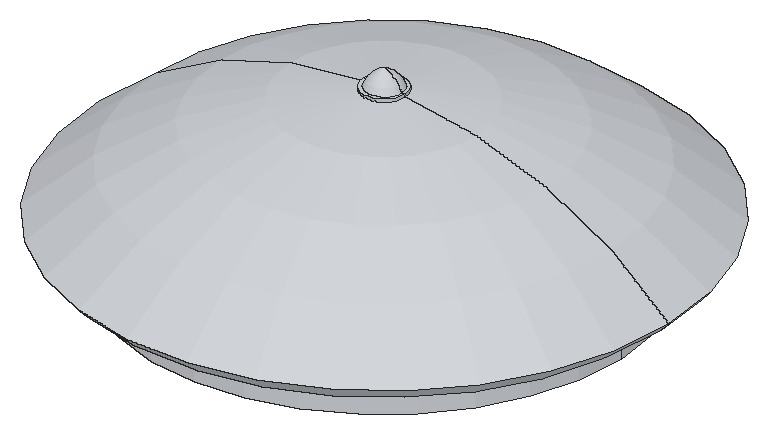
Revit family "0043438_3000K", category Lighting Fixtures, host Face, Revit 2017
Family settings
  Host = Face
  Round Connector Dimension = Use Diameter
  Part Type = Normal
  OmniClass Number = 23.80.70.00
  OmniClass Title = Lighting
  Cut with Voids When Loaded = No
  Light Source = Yes
  Shared = No
  Room Calculation Point = No
Parameters (values of type "0043438 STRT ECO SURF IP44 PIR 1800LM 830 DT")
  YIN_SENSOR_SYL = no
  YIN_360_SYL = yes
  YIN_330_SYL = no
  YIN_250_SYL = no
  YIN_180_SYL = no
  Weight = "3.54 kg"
  Wattage Comments = ""
  Wattage = 24 W
  WarrantyStartDate [instance] = "n/a"
  WarrantyGuarantorParts = "n/a"
  WarrantyDurationUnit = "n/a"
  WarrantyDurationParts = "n/a"
  WarrantyDescription = "n/a"
  built-in parameter 1150110 = 1 (stored number, unit not read)
  Voltage = 0 V
  URL = "http://www.sylvania-lighting.com"
  TypeName = "Start eco Surface IP44 PIR 1800lm 830/840 DualTone"
  Type Image = <None>
  Type Comments = "n/a"
  built-in parameter 1114217 = 1 (stored number, unit not read)
  Tilt Angle = -90.00°
  built-in parameter 1150109 = 1 (stored number, unit not read)
  built-in parameter 1150134 = 12
  built-in parameter 1150113 = 1 (stored number, unit not read)
  SerialNumber [instance] = "n/a"
  SENSOR_SYL = 12 mm
  Photometric Web File = "0043438_3000K.IES"
  Material_3_SYL = none
  PowerFactor = 0.7
  PowerConsumption = "24 W"
  NominalLength = 360 mm
  NominalHeight = 112 mm
  NominalDepth = 360 mm
  Name = "Start eco Surface IP44 PIR 1800lm 830/840 DualTone"
  ModelReference = Name  # "Start eco Surface IP44 PIR 1800lm 830/840 DualTone"
  ModelNumber = "0043438"
  Model = Name  # "Start eco Surface IP44 PIR 1800lm 830/840 DualTone"
  Material = "steel housing, polypropylene diffuser"
  ManufacturerName = "Feilo Sylvania"
  Manufacturer = "Feilo Sylvania"
  LuminousEfficacy = "75 lm/W"
  built-in parameter 1150105 = 481.63 (stored number, unit not read)
  Lumens = 1800 lm
  LuminaireType = ""
  built-in parameter 1150115 = 1 (stored number, unit not read)
  LightOutputRatio = "n/a"
  built-in parameter 1150137 = (empty or 0)
  built-in parameter 1150139 = (empty or 0)
  LampsType = Lamp  # "LED"
  LampNominalLuminous = "1800 lm"
  LampMacAdamStep = "6"
  LampColourTemperature = "3000 K"
  LampColourRenderingIndex = "80"
  built-in parameter 1150112 = 1 (stored number, unit not read)
  built-in parameter 1150114 = 1 (stored number, unit not read)
  Lamp = "LED"
  LUM_R_SYL = if(YIN_180_SYL, 90 mm, if(YIN_250_SYL, 125 mm, if(YIN_330_SYL, 165 mm, if(YIN_360_SYL, 180 mm, 180 mm))))  # 180 mm
  LUM_R_HEIGHT_SYL = LUM_H_SYL - 30 mm  # 70 mm
  LUM_H_SYL = if(YIN_180_SYL, 75 mm, if(YIN_250_SYL, 80 mm, if(YIN_330_SYL, 96 mm, if(YIN_360_SYL, 100 mm, 100 mm))))  # 100 mm
  Keynote = "16500"
  InstallationDate [instance] = "n/a"
  InputVoltage = "n/a"
  InputNominalFrequency = "n/a"
  built-in parameter 1150132 = (empty or 0)
  built-in parameter 1150102 = (empty or 0)
  built-in parameter 1150107 = 4000 (stored number, unit not read)
  built-in parameter 1150138 = (empty or 0)
  IngressProtection = "IP44"
  ImpactProtectionIndex = "IK03"
  built-in parameter 1150106 = 4.8163 (stored number, unit not read)
  IfcExportType = "IfcLightFixtureType"
  IfcExportAs = "IfcLightFixtureType"
  Emit from Circle Diameter = 609.6 mm
  Emit Shape Visible in Rendering = no
  ElectricShockClassification = "Class I"
  built-in parameter 1150104 = 6.9677 (stored number, unit not read)
  DocumentationLiterature = "http://www.sylvania-lighting.com/product/en-int/products/0043438"
  DimmingControlOptions = "n/a"
  Material_2_SYL = none
  Dimming Lamp Color Temperature Shift = <None>
  Description = ""
  Default Elevation = 1219.2 mm
  CreatedOn = "1/4/2021"
  CreatedBy = "@sylvania-lighting.com"
  Cost = 0
  Color Filter = 16777215
  built-in parameter 1114216 [instance] = (empty or 0)
  ClassificationValue = "EF_70_80"
  ClassificationName = "Uniclass2015"
  Material_1_SYL = none
  BarCode [instance] = "n/a"
  built-in parameter 1114218 = 1 (stored number, unit not read)
  BOTTOM_R_SYL = if(YIN_180_SYL, 76 mm, if(YIN_250_SYL, 110 mm, if(YIN_330_SYL, 150 mm, if(YIN_360_SYL, 150 mm, 150 mm))))  # 150 mm
  BOTTOM_HEIGHT_SYL = LUM_H_SYL - 15 mm  # 85 mm
  built-in parameter 1150133 = 10 (stored number, unit not read)
  AssetType = "Fixed"
  AssetIdentifier [instance] = "n/a"
  Assembly Code = "D5020200"
  Apparent Load = 24 VA
  Material_4_SYL = none
Types (2, lengths in mm): name | Photometric Web File | LampColourTemperature
  0043438 STRT ECO SURF IP44 PIR 1800LM 840 DT | "0043438_4000K.ies" | "4000 K"
  0043438 STRT ECO SURF IP44 PIR 1800LM 830 DT | "0043438_3000K.IES" | "3000 K"
Reference planes
  plane 1 "Center (Front/Back)": y = 0
  plane 2: z = 0
  plane 3 "Center (Left/Right)": x = 0
  plane 4: x = -150
  plane 5: x = -180
  plane 6: z = -100
  plane 7: z = -70
  plane 8: z = -85
  plane 9: z = 12
  plane 10: z = 8
  plane 11: x = 13
  plane 12: x = -13
  plane 13: x = 11
  plane 14: x = -11
Forms (mm)
  Revolve 1, solid
    sketch origin (0, 0, 0) x (1, 0, 0) y (0, 0, 1)
      loop
        line (0, -100) -> (0, 0) -> (0, 1.668) -> (-13, 1.668) -> (-13, 0)
        arc (-13, 0) -> (-102.86, -19.827) -> (-180, -70) r 257.354
        arc (-180, -70) -> (-166.746, -80.992) -> (-150, -85) r 37.967
        line (-150, -85) -> (-150, -100) -> (0, -100)
      axis (0, -100) -> (0, 1.668)
    angle from 360 to 0
  Revolve 2, solid
    sketch origin (0, 0, 0) x (1, 0, 0) y (0, 0, 1)
      loop
        arc (0, 12) -> (-6.591, 7.995) -> (-11, 1.668) r 18.662
        line (-11, 1.668) -> (0, 1.668) -> (0, 12)
      axis (0, 1.668) -> (0, 12)
    angle from 360 to 0
Dimensions and locks
  "BOTTOM_R_SYL": plane 3 "Center (Left/Right)" to plane 4
  "LUM_R_SYL": plane 3 "Center (Left/Right)" to plane 5
  "BOTTOM_HEIGHT_SYL": host face to plane 8
  "LUM_R_HEIGHT_SYL": host face to plane 7
  "LUM_H_SYL": host face to plane 6
  "SENSOR_SYL": plane 9 to host face
  plane 12 to plane 3 "Center (Left/Right)" to plane 11 = 13 mm, 13 mm
  aligned and locked: plane 2 to host face
  aligned and locked: level to host face
  aligned and locked: Revolve 1 sketch curve to plane 6
  aligned and locked: plane 4 to Revolve 1 sketch curve
  aligned and locked: Revolve 1 sketch curve to imposter light
Automatic sketch dimensions
  host sketch curve to host sketch curve = 2438.4 mm  (x2)
  plane 14 to Revolve 2 sketch curve = 0 mm
  Revolve 2 sketch curve to plane 3 "Center (Left/Right)" = 0 mm
  Revolve 2 sketch curve to plane 9 = 0 mm
  plane 13 to Revolve 2 sketch curve = 4.814 mm
  level to Revolve 2 sketch curve = 1.668 mm
  Revolve 1 sketch curve to plane 5 = 0 mm
  Revolve 1 sketch curve to level = 0 mm  (x2)
  plane 12 to Revolve 1 sketch curve = 0 mm
  Revolve 1 sketch curve to plane 3 "Center (Left/Right)" = 0 mm
  Revolve 1 sketch curve to plane 8 = 0 mm
  Revolve 1 sketch curve to plane 7 = 0 mm
  plane 4 to Revolve 1 sketch curve = 0.233 mm
  Revolve 1 sketch curve to plane 3 "Center (Left/Right)" = 3.373 mm
  level to Revolve 1 sketch curve = 1.668 mm
  Revolve 1 sketch curve to Revolve 1 sketch curve = 51.304 mm
  Revolve 1 sketch curve to plane 9 = 292.8 mm
Connectors
  electrical at (0, 0, -100)
    settings: on Revolve 1, index 1, voltage 0 V, apparent load 0 VA, apparent load phase1 0 VA, apparent load phase2 0 VA, apparent load phase3 0 VA, power factor 1, load classification "Other", number of poles 1, system type 31, power factor state 1, is connector primary yes, connector utility no, sub classification motor no, connector description ""
